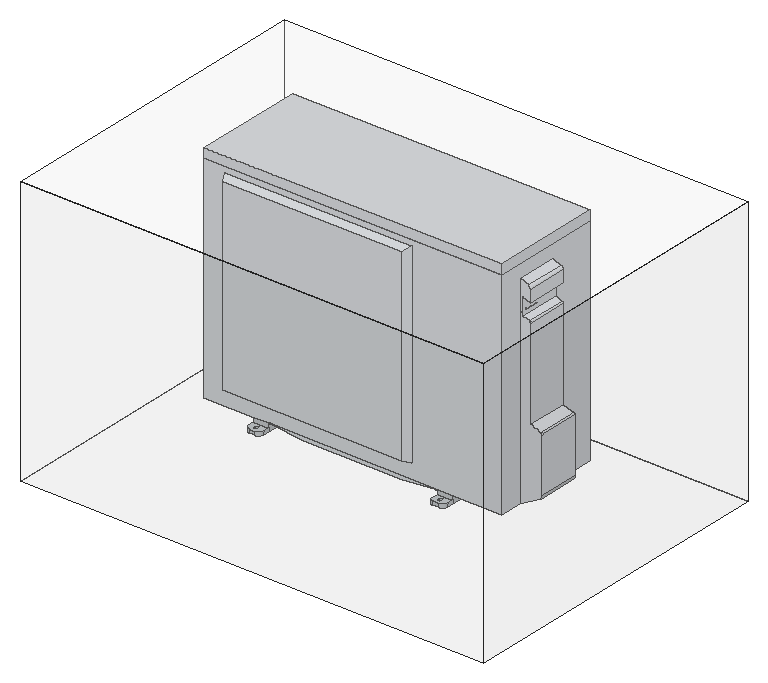
Revit family "puz-ermp40_63ska16_50hz", category 機械設備, Revit 2023 (continued)
Definition of nested family "PUZ-EZRMP-1"
  Lines and regions (mm)
    model lines, visible <- "タイプ1", detail levels fine
      curve 340: arc (-404.5, -95, 79) -> (-404.5, -98.536, 77.536) -> (-404.5, -100, 74) r 5
      curve 341: arc (-404.5, -100, 64) -> (-404.5, -98.536, 60.464) -> (-404.5, -95, 59) r 5
    model lines, visible <- "タイプ3", not visible
      curve 342: line (-404.5, -100, 907) -> (-404.5, -60, 907)
      curve 343: line (-404.5, -100, 1097) -> (-404.5, -100, 907)
      curve 344: line (-404.5, -60, 1097) -> (-404.5, -100, 1097)
      curve 345: line (-404.5, -60, 907) -> (-404.5, -60, 1097)
      curve 346: line (-404.5, 60, 907) -> (-404.5, 100, 907)
      curve 347: line (-404.5, 60, 1097) -> (-404.5, 60, 907)
      curve 348: line (-404.5, 100, 1097) -> (-404.5, 60, 1097)
      curve 349: line (-404.5, 100, 907) -> (-404.5, 100, 1097)
      curve 350: line (-404.5, -46.667, 907) -> (-404.5, -6.667, 907)
      curve 351: line (-404.5, -46.667, 1097) -> (-404.5, -46.667, 907)
      curve 352: line (-404.5, -6.667, 1097) -> (-404.5, -46.667, 1097)
      curve 353: line (-404.5, -6.667, 907) -> (-404.5, -6.667, 1097)
      curve 354: line (-404.5, 6.667, 907) -> (-404.5, 46.667, 907)
      curve 355: line (-404.5, 6.667, 1097) -> (-404.5, 6.667, 907)
      curve 356: line (-404.5, 46.667, 1097) -> (-404.5, 6.667, 1097)
      curve 357: line (-404.5, 46.667, 907) -> (-404.5, 46.667, 1097)
      curve 358: line (-404.5, -100, 1112) -> (-404.5, -60, 1112)
      curve 359: line (-404.5, -100, 1302) -> (-404.5, -100, 1112)
      curve 360: line (-404.5, -60, 1302) -> (-404.5, -100, 1302)
      curve 361: line (-404.5, -60, 1112) -> (-404.5, -60, 1302)
      curve 362: line (-404.5, 60, 1112) -> (-404.5, 100, 1112)
      curve 363: line (-404.5, 60, 1302) -> (-404.5, 60, 1112)
      curve 364: line (-404.5, 100, 1302) -> (-404.5, 60, 1302)
      curve 365: line (-404.5, 100, 1112) -> (-404.5, 100, 1302)
      curve 366: line (-404.5, -46.667, 1112) -> (-404.5, -6.667, 1112)
      curve 367: line (-404.5, -46.667, 1302) -> (-404.5, -46.667, 1112)
      curve 368: line (-404.5, -6.667, 1302) -> (-404.5, -46.667, 1302)
      curve 369: line (-404.5, -6.667, 1112) -> (-404.5, -6.667, 1302)
      curve 370: line (-404.5, 6.667, 1112) -> (-404.5, 46.667, 1112)
      curve 371: line (-404.5, 6.667, 1302) -> (-404.5, 6.667, 1112)
      curve 372: line (-404.5, 46.667, 1302) -> (-404.5, 6.667, 1302)
      curve 373: line (-404.5, 46.667, 1112) -> (-404.5, 46.667, 1302)
    model lines, visible <- "タイプ2", not visible
      curve 374: line (-600, -100, 33.5) -> (-600, -60, 33.5)
      curve 375: line (-600, -100, 73.5) -> (-600, -100, 33.5)
      curve 376: line (-600, -60, 73.5) -> (-600, -100, 73.5)
      curve 377: line (-600, -60, 33.5) -> (-600, -60, 73.5)
      curve 378: line (-600, 60, 33.5) -> (-600, 100, 33.5)
      curve 379: line (-600, 60, 73.5) -> (-600, 60, 33.5)
      curve 380: line (-600, 100, 73.5) -> (-600, 60, 73.5)
      curve 381: line (-600, 100, 33.5) -> (-600, 100, 73.5)
      curve 382: line (-509, -46.667, 33.5) -> (-509, -6.667, 33.5)
      curve 383: line (-509, -46.667, 73.5) -> (-509, -46.667, 33.5)
      curve 384: line (-509, -6.667, 73.5) -> (-509, -46.667, 73.5)
      curve 385: line (-509, -6.667, 33.5) -> (-509, -6.667, 73.5)
      curve 386: line (-509, 6.667, 33.5) -> (-509, 46.667, 33.5)
      curve 387: line (-509, 6.667, 73.5) -> (-509, 6.667, 33.5)
      curve 388: line (-509, 46.667, 73.5) -> (-509, 6.667, 73.5)
      curve 389: line (-509, 46.667, 33.5) -> (-509, 46.667, 73.5)
      curve 483: line (-404.5, -100, 33.5) -> (-404.5, -60, 33.5)
      curve 484: line (-404.5, -100, 73.5) -> (-404.5, -100, 33.5)
      curve 485: line (-404.5, -60, 73.5) -> (-404.5, -100, 73.5)
      curve 486: line (-404.5, -60, 33.5) -> (-404.5, -60, 73.5)
      curve 487: line (-404.5, 60, 33.5) -> (-404.5, 100, 33.5)
      curve 488: line (-404.5, 60, 73.5) -> (-404.5, 60, 33.5)
      curve 489: line (-404.5, 100, 73.5) -> (-404.5, 60, 73.5)
      curve 490: line (-404.5, 100, 33.5) -> (-404.5, 100, 73.5)
      curve 491: line (-404.5, -46.667, 33.5) -> (-404.5, -6.667, 33.5)
      curve 492: line (-404.5, -46.667, 73.5) -> (-404.5, -46.667, 33.5)
      curve 493: line (-404.5, -6.667, 73.5) -> (-404.5, -46.667, 73.5)
      curve 494: line (-404.5, -6.667, 33.5) -> (-404.5, -6.667, 73.5)
      curve 495: line (-404.5, 6.667, 33.5) -> (-404.5, 46.667, 33.5)
      curve 496: line (-404.5, 6.667, 73.5) -> (-404.5, 6.667, 33.5)
      curve 497: line (-404.5, 46.667, 73.5) -> (-404.5, 6.667, 73.5)
      curve 498: line (-404.5, 46.667, 33.5) -> (-404.5, 46.667, 73.5)
    model lines, not visible
      curve 390: line (-404.5, -100, 87) -> (-404.5, -60, 87)
      curve 391: line (-404.5, -100, 277) -> (-404.5, -100, 87)
      curve 392: line (-404.5, -60, 277) -> (-404.5, -100, 277)
      curve 393: line (-404.5, -60, 87) -> (-404.5, -60, 277)
      curve 394: line (-404.5, -100, 292) -> (-404.5, -60, 292)
      curve 395: line (-404.5, -100, 482) -> (-404.5, -100, 292)
      curve 396: line (-404.5, -60, 482) -> (-404.5, -100, 482)
      curve 397: line (-404.5, -60, 292) -> (-404.5, -60, 482)
      curve 398: line (-404.5, -100, 497) -> (-404.5, -60, 497)
      curve 399: line (-404.5, -100, 687) -> (-404.5, -100, 497)
      curve 400: line (-404.5, -60, 687) -> (-404.5, -100, 687)
      curve 401: line (-404.5, -60, 497) -> (-404.5, -60, 687)
      curve 402: line (-404.5, -100, 702) -> (-404.5, -60, 702)
      curve 403: line (-404.5, -100, 892) -> (-404.5, -100, 702)
      curve 404: line (-404.5, -60, 892) -> (-404.5, -100, 892)
      curve 405: line (-404.5, -60, 702) -> (-404.5, -60, 892)
      curve 406: line (-404.5, 60, 87) -> (-404.5, 100, 87)
      curve 407: line (-404.5, 60, 277) -> (-404.5, 60, 87)
      curve 408: line (-404.5, 100, 277) -> (-404.5, 60, 277)
      curve 409: line (-404.5, 100, 87) -> (-404.5, 100, 277)
      curve 410: line (-404.5, -46.667, 87) -> (-404.5, -6.667, 87)
      curve 411: line (-404.5, -46.667, 277) -> (-404.5, -46.667, 87)
      curve 412: line (-404.5, -6.667, 277) -> (-404.5, -46.667, 277)
      curve 413: line (-404.5, -6.667, 87) -> (-404.5, -6.667, 277)
      curve 414: line (-404.5, 6.667, 87) -> (-404.5, 46.667, 87)
      curve 415: line (-404.5, 6.667, 277) -> (-404.5, 6.667, 87)
      curve 416: line (-404.5, 46.667, 277) -> (-404.5, 6.667, 277)
      curve 417: line (-404.5, 46.667, 87) -> (-404.5, 46.667, 277)
      curve 418: line (-404.5, 60, 292) -> (-404.5, 100, 292)
      curve 419: line (-404.5, 60, 482) -> (-404.5, 60, 292)
      curve 420: line (-404.5, 100, 482) -> (-404.5, 60, 482)
      curve 421: line (-404.5, 100, 292) -> (-404.5, 100, 482)
      curve 422: line (-404.5, 60, 702) -> (-404.5, 100, 702)
      curve 423: line (-404.5, 60, 892) -> (-404.5, 60, 702)
      curve 424: line (-404.5, 100, 892) -> (-404.5, 60, 892)
      curve 425: line (-404.5, 100, 702) -> (-404.5, 100, 892)
      curve 426: line (-404.5, -46.667, 292) -> (-404.5, -6.667, 292)
      curve 427: line (-404.5, -46.667, 482) -> (-404.5, -46.667, 292)
      curve 428: line (-404.5, -6.667, 482) -> (-404.5, -46.667, 482)
      curve 429: line (-404.5, -6.667, 292) -> (-404.5, -6.667, 482)
      curve 430: line (-404.5, -46.667, 497) -> (-404.5, -6.667, 497)
      curve 431: line (-404.5, -46.667, 687) -> (-404.5, -46.667, 497)
      curve 432: line (-404.5, -6.667, 687) -> (-404.5, -46.667, 687)
      curve 433: line (-404.5, -6.667, 497) -> (-404.5, -6.667, 687)
      curve 434: line (-404.5, -46.667, 702) -> (-404.5, -6.667, 702)
      curve 435: line (-404.5, -46.667, 892) -> (-404.5, -46.667, 702)
      curve 436: line (-404.5, -6.667, 892) -> (-404.5, -46.667, 892)
      curve 437: line (-404.5, -6.667, 702) -> (-404.5, -6.667, 892)
      curve 438: line (-404.5, 6.667, 292) -> (-404.5, 46.667, 292)
      curve 439: line (-404.5, 6.667, 482) -> (-404.5, 6.667, 292)
      curve 440: line (-404.5, 46.667, 482) -> (-404.5, 6.667, 482)
      curve 441: line (-404.5, 46.667, 292) -> (-404.5, 46.667, 482)
      curve 442: line (-404.5, 6.667, 497) -> (-404.5, 46.667, 497)
      curve 443: line (-404.5, 6.667, 687) -> (-404.5, 6.667, 497)
      curve 444: line (-404.5, 46.667, 687) -> (-404.5, 6.667, 687)
      curve 445: line (-404.5, 46.667, 497) -> (-404.5, 46.667, 687)
      curve 446: line (-404.5, 6.667, 702) -> (-404.5, 46.667, 702)
      curve 447: line (-404.5, 6.667, 892) -> (-404.5, 6.667, 702)
      curve 448: line (-404.5, 46.667, 892) -> (-404.5, 6.667, 892)
      curve 449: line (-404.5, 46.667, 702) -> (-404.5, 46.667, 892)
      curve 450: line (-338.5, -173.2, 372.5) -> (149.5, -173.2, 372.5)
      curve 451: line (149.5, -173.2, 277.5) -> (-338.5, -173.2, 277.5)
      curve 452: line (-338.5, -173.2, 467.5) -> (149.5, -173.2, 467.5)
      curve 453: line (-338.5, -173.2, 562.5) -> (149.5, -173.2, 562.5)
      curve 454: line (149.5, -173.2, 182.5) -> (-338.5, -173.2, 182.5)
      curve 455: line (149.5, -173.2, 87.5) -> (-338.5, -173.2, 87.5)
      curve 456: line (-321.071, -173.2, 579) -> (-321.071, -173.2, 71)
      curve 457: line (132.071, -173.2, 71) -> (132.071, -173.2, 579)
      curve 458: line (-303.643, -173.2, 579) -> (-303.643, -173.2, 71)
      curve 459: line (-286.214, -173.2, 579) -> (-286.214, -173.2, 71)
      curve 460: line (-268.786, -173.2, 579) -> (-268.786, -173.2, 71)
      curve 461: line (-251.357, -173.2, 579) -> (-251.357, -173.2, 71)
      curve 462: line (-233.929, -173.2, 579) -> (-233.929, -173.2, 71)
      curve 463: line (-216.5, -173.2, 579) -> (-216.5, -173.2, 71)
      curve 464: line (-199.071, -173.2, 579) -> (-199.071, -173.2, 71)
      curve 465: line (-181.643, -173.2, 579) -> (-181.643, -173.2, 71)
      curve 466: line (-164.214, -173.2, 579) -> (-164.214, -173.2, 71)
      curve 467: line (-146.786, -173.2, 579) -> (-146.786, -173.2, 71)
      curve 468: line (-129.357, -173.2, 579) -> (-129.357, -173.2, 71)
      curve 469: line (-111.929, -173.2, 579) -> (-111.929, -173.2, 71)
      curve 470: line (-94.5, -173.2, 579) -> (-94.5, -173.2, 71)
      curve 471: line (-77.071, -173.2, 579) -> (-77.071, -173.2, 71)
      curve 472: line (-59.643, -173.2, 579) -> (-59.643, -173.2, 71)
      curve 473: line (-42.214, -173.2, 579) -> (-42.214, -173.2, 71)
      curve 474: line (-24.786, -173.2, 579) -> (-24.786, -173.2, 71)
      curve 475: line (-7.357, -173.2, 579) -> (-7.357, -173.2, 71)
      curve 476: line (10.071, -173.2, 579) -> (10.071, -173.2, 71)
      curve 477: line (27.5, -173.2, 579) -> (27.5, -173.2, 71)
      curve 478: line (44.929, -173.2, 579) -> (44.929, -173.2, 71)
      curve 479: line (62.357, -173.2, 579) -> (62.357, -173.2, 71)
      curve 480: line (79.786, -173.2, 579) -> (79.786, -173.2, 71)
      curve 481: line (97.214, -173.2, 579) -> (97.214, -173.2, 71)
      curve 482: line (114.643, -173.2, 579) -> (114.643, -173.2, 71)
    symbolic lines, visible <- "タイプ1"
      curve 499: line (-278.151, 150, 630) -> (-404.5, 150, 630)
      curve 500: line (-404.5, 150, 630) -> (-404.5, -5.599, 630)
      curve 501: line (-404.5, 40, 630) -> (-424.5, 30, 630)
      curve 502: line (-424.5, 30, 630) -> (-424.5, -30, 630)
      curve 503: line (-424.5, -30, 630) -> (-404.5, -40, 630)
      curve 504: line (-404.5, -5.599, 630) -> (-404.5, -150, 630)
      curve 505: line (-404.5, -150, 630) -> (-301.612, -150, 630)
      curve 506: arc (-272.806, -170, 630) -> (-268.124, -177.204, 630) -> (-260, -180, 630) r 13.2
      curve 507: line (-260, -180, 630) -> (-243.332, -180, 630)
      curve 508: arc (-243.332, -180, 630) -> (-235.208, -177.204, 630) -> (-230.526, -170, 630) r 13.2
      curve 509: line (-301.612, -150, 630) -> (280.999, -150, 630)
      curve 510: line (230, -150, 630) -> (230, -170, 630)
      curve 511: arc (230, -170, 630) -> (232.929, -177.071, 630) -> (240, -180, 630) r 10
      curve 512: line (240, -180, 630) -> (256.8, -180, 630)
      curve 513: arc (256.8, -180, 630) -> (266.134, -176.134, 630) -> (270, -166.8, 630) r 13.2
      curve 514: line (270, -166.8, 630) -> (270, -150, 630)
      curve 515: line (280.999, -150, 630) -> (404.5, -150, 630)
      curve 516: line (404.5, -150, 630) -> (404.5, -77.105, 630)
      curve 517: line (404.5, -90, 630) -> (466.5, -90, 630)
      curve 518: line (466.5, -90, 630) -> (466.5, 20, 630)
      curve 519: line (466.5, 20, 630) -> (404.5, 20, 630)
      curve 520: line (404.5, -77.105, 630) -> (404.5, 150, 630)
      curve 521: line (404.5, 150, 630) -> (308.975, 150, 630)
      curve 522: line (270, 150, 630) -> (270, 180, 630)
      curve 523: line (270, 180, 630) -> (230, 180, 630)
      curve 524: line (230, 180, 630) -> (230, 150, 630)
      curve 525: line (308.975, 150, 630) -> (-278.151, 150, 630)
      curve 526: line (-230, 150, 630) -> (-230, 180, 630)
      curve 527: line (-230, 180, 630) -> (-270, 180, 630)
      curve 528: line (-270, 180, 630) -> (-270, 150, 630)
      curve 529: line (-324.5, 100, 630) -> (324.5, 100, 630)
      curve 530: line (-324.5, 40, 630) -> (-324.5, 100, 630)
      curve 531: line (324.5, 40, 630) -> (-324.5, 40, 630)
      curve 532: line (324.5, 100, 630) -> (324.5, 40, 630)
      curve 533: line (324.5, 30, 630) -> (-324.5, 30, 630)
      curve 534: line (324.5, -30, 630) -> (324.5, 30, 630)
      curve 535: line (-324.5, -30, 630) -> (324.5, -30, 630)
      curve 536: line (-324.5, 30, 630) -> (-324.5, -30, 630)
      curve 537: line (-324.5, -40, 630) -> (324.5, -40, 630)
      curve 538: line (-324.5, -100, 630) -> (-324.5, -40, 630)
      curve 539: line (324.5, -100, 630) -> (-324.5, -100, 630)
      curve 540: line (324.5, -40, 630) -> (324.5, -100, 630)
      curve 541: line (339.5, 100, 630) -> (354.5, 100, 630)
      curve 542: line (339.5, -100, 630) -> (339.5, 100, 630)
      curve 543: line (354.5, -100, 630) -> (339.5, -100, 630)
      curve 544: line (354.5, 100, 630) -> (354.5, -100, 630)
      curve 545: line (-354.5, 100, 630) -> (-339.5, 100, 630)
      curve 546: line (-354.5, -100, 630) -> (-354.5, 100, 630)
      curve 547: line (-339.5, -100, 630) -> (-354.5, -100, 630)
      curve 548: line (-339.5, 100, 630) -> (-339.5, -100, 630)
      curve 549: line (-338.5, -170, 630) -> (149.5, -170, 630)
      curve 550: line (149.5, -170, 630) -> (159.5, -150, 630)
      curve 551: line (-348.5, -150, 630) -> (-338.5, -170, 630)
  Dimensions and locks
    equal spacing: plane 8, plane 1 "中心(正面/背面)", plane 7
    "奥行き": plane 8 to plane 7
    equal spacing: plane 5, plane 3 "中心(左/右)", plane 6
    "幅さ": plane 5 to plane 6
    "高さ": plane 4 to level
    locked: plane 6 to plane 9 at 62
    locked: plane 8 to plane 10 at 60
    locked: plane 8 to plane 11 at 170
    locked: plane 4 to plane 12 at 25
    locked: plane 13 to plane 5 at 20
    "吊りボルト-D": plane 17 to plane 16
    equal spacing: plane 17, plane 1 "中心(正面/背面)", plane 16
    equal spacing: plane 14, plane 3 "中心(左/右)", plane 15
    "吊りボルト-W": plane 14 to plane 15
    plane 21 to plane 14 to plane 20 = 20 mm locked, 20 mm locked
    plane 19 to plane 15 to plane 18 = 20 mm locked, 20 mm locked
    locked: plane 16 to plane 22 at 15
    locked: plane 23 to plane 17 at 15
    locked: plane 24 to level at 8.5
    locked: plane 25 to level at 20
    locked: plane 26 to plane 24 at 3
    locked: plane 4 to plane 29 at 5
    plane 7 to plane 1 "中心(正面/背面)" to plane 8 = 150 mm, 150 mm
    plane 31 to plane 1 "中心(正面/背面)" to plane 30 = 40 mm locked, 40 mm locked
    plane 33 to plane 1 "中心(正面/背面)" to plane 32 = 30 mm locked, 30 mm locked
    locked: plane 34 to plane 12 at 5
    locked: plane 35 to level at 55
    locked: plane 36 to level at 225
    equal spacing: plane 6, plane 39, plane 9
    locked: plane 6 to plane 38 at 10
    locked: plane 20 to plane 27 at 95
    locked: plane 28 to plane 19 at 95
    "換気-D": plane 40 to plane 8
    "換気-W": plane 41 to plane 5
    "換気-H1": plane 42 to level
    plane 43 to plane 41 to plane 44 = 254 mm locked, 254 mm locked
    plane 45 to plane 42 to plane 46 = 264 mm locked, 264 mm locked
    locked: plane 43 to plane 48 at 10
    locked: plane 47 to plane 44 at 10
    locked: plane 45 to plane 49 at 10
    locked: plane 50 to plane 46 at 10
    locked: curve 26 to plane 50 at 16.5
    locked: plane 49 to curve 24 at 16.5
    equal spacing: curve 24, curve 23, curve 21, curve 22, curve 25, curve 26
    equal spacing: plane 48, curve 28, curve 53, curve 52, curve 51, curve 50, curve 49, curve 48, curve 47, curve 46, curve 45, curve 44, curve 43, curve 42, curve 41, curve 40, curve 39, curve 38, curve 37, curve 36, curve 35, curve 34, curve 33, curve 32, curve 31, curve 30, curve 29, curve 27, plane 47
    locked: curve 4 to curve 6 at 10
    locked: curve 3 to curve 5 at 10
    locked: plane 51 to plane 7 at 50
    locked: plane 8 to plane 52 at 50
    equal spacing: group 1, group 2, group 3, group 4, group 5, group 6, group 7, group 8, group 9, group 10, group 11, group 12, group 13, group 14, group 15, group 16, group 17, group 18  (x2)
    equal spacing: group 18, group 17, group 16, group 15, group 14, group 13, group 12, group 11, group 10, group 9, group 8, group 7, group 6, group 5, group 4, group 3, group 2, group 1
    "ドレン管径-X": plane 5 to plane 53
    "ドレン管径-Y": plane 8 to plane 54
    "配線取出口-Y": plane 57 to plane 7
    "冷媒液管径-Y": plane 58 to plane 7
    "冷媒ガス管径-Y": plane 59 to plane 7
    "配線取出口-X": plane 3 "中心(左/右)" to plane 56
    "冷媒ガス管径-X": plane 3 "中心(左/右)" to plane 55
    "冷媒液管径-X": plane 3 "中心(左/右)" to plane 60
    "冷媒液管径-Z": plane 62 to level
    "冷媒ガス管径-Z": plane 61 to level
    "配線取出口-Z": plane 63 to level
    locked: plane 57 to plane 64 at 50
    locked: plane 65 to plane 61 at 37.8
    locked: plane 66 to plane 62 at 16.1
    equal spacing: plane 55, plane 67, plane 60
    equal spacing: plane 58, plane 68, plane 59
    "a": plane 69 "グループ" to plane 3 "中心(左/右)"
    plane 71 to level = 943 mm
    plane 70 to level = 1338 mm
    locked: plane 37 to level at 570
    curve 21 to plane 42 to curve 22 = 47.5 mm locked, 47.5 mm locked
    "換気-H2": plane 72 to plane 42
    plane 73 to plane 72 to plane 74 = 264 mm locked, 264 mm locked
    locked: plane 76 to plane 74 at 10
    locked: plane 73 to plane 75 at 10
    plane 48 to plane 47 = 488 mm
    plane 68 to plane 7 = 185.5 mm
    plane 61 to level = 99.5 mm
    plane 65 to plane 61 = 37.8 mm
    plane 62 to level = 164.5 mm
    plane 66 to plane 62 = 16.1 mm
    plane 68 to plane 77 to plane 78 = 23 mm locked, 17.5 mm locked
    plane 68 to plane 77 = 23 mm
    plane 77 to plane 78 = 17.5 mm
    equal spacing: plane 77, plane 79, plane 78
    "ドレン配管サイズ": diameter of Extrusion 3 sketch curve
    "配線取出口サイズ": diameter of Extrusion 9 sketch curve
    "吊りボルト-φ": diameter of Extrusion 10 sketch curve  (x4)
    "冷媒配管サイズ": diameter of Sweep 11 sketch curve
    "ガス配管サイズ": diameter of Sweep 12 sketch curve
    aligned and locked: level to plane 2
    aligned and locked: Extrusion 1 to level
    aligned and locked: plane 25 to Extrusion 1
    aligned and locked: Extrusion 2 sketch curve to plane 25
    aligned and locked: Extrusion 2 sketch curve to plane 26
    aligned and locked: Extrusion 2 to plane 7
    aligned and locked: plane 8 to Extrusion 2
    aligned and locked: Extrusion 3 to plane 26
    aligned and locked: Extrusion 3 to plane 24
    aligned and locked: Extrusion 4 sketch curve to plane 7
    aligned and locked: Extrusion 4 sketch curve to plane 8
    aligned and locked: Extrusion 4 sketch curve to plane 5
    aligned and locked: Extrusion 4 sketch curve to plane 6
    aligned and locked: Extrusion 4 to plane 25
    aligned and locked: plane 12 to Extrusion 4
    aligned and locked: Extrusion 5 sketch curve to Extrusion 4  (x4)
    aligned and locked: Extrusion 5 to plane 12
    aligned and locked: plane 4 to Extrusion 5
    aligned and locked: plane 29 to Blend 6 sketch curve
    aligned and locked: Blend 6 sketch curve to plane 31
    aligned and locked: Blend 6 sketch curve to plane 12  (x2)
    aligned and locked: plane 30 to Blend 6 sketch curve
    aligned and locked: plane 34 to Blend 6 sketch curve
    aligned and locked: Blend 6 sketch curve to plane 33
    aligned and locked: plane 32 to Blend 6 sketch curve
    aligned and locked: Blend 6 to plane 13
    aligned and locked: plane 5 to Blend 6
    aligned and locked: Extrusion 7 sketch curve to plane 6
    aligned and locked: Extrusion 7 sketch curve to plane 9
    aligned and locked: Extrusion 7 sketch curve to plane 39
    aligned and locked: Extrusion 7 sketch curve to Extrusion 7 sketch curve
    aligned and locked: Extrusion 7 sketch curve to plane 38
    aligned and locked: Extrusion 7 to plane 11
    aligned and locked: plane 10 to Extrusion 7
    aligned and locked: Blend 8 sketch curve to plane 45
    aligned and locked: Blend 8 sketch curve to plane 46
    aligned and locked: Blend 8 sketch curve to plane 44
    aligned and locked: Blend 8 sketch curve to plane 43
    aligned and locked: Blend 8 sketch curve to plane 49
    aligned and locked: Blend 8 sketch curve to plane 47
    aligned and locked: Blend 8 sketch curve to plane 48
    aligned and locked: Blend 8 sketch curve to plane 50
    aligned and locked: Blend 8 to plane 8
    aligned and locked: plane 40 to Blend 8
    aligned and locked: curve 17 to plane 51
    aligned and locked: curve 1 to plane 51
    aligned and locked: plane 51 to curve 19
    aligned and locked: curve 18 to plane 52
    aligned and locked: plane 52 to curve 2
    aligned and locked: plane 52 to curve 20
    aligned and locked: plane 53 to Extrusion 3 sketch curve
    aligned and locked: plane 54 to Extrusion 3 sketch curve
    aligned and locked: plane 63 to Extrusion 9 sketch curve
    aligned and locked: plane 56 to Extrusion 9 sketch curve
    aligned and locked: plane 57 to Extrusion 9
    aligned and locked: Extrusion 9 to plane 64
    aligned and locked: plane 22 to Extrusion 10 sketch curve  (x4)
    aligned and locked: plane 21 to Extrusion 10 sketch curve
    aligned and locked: Extrusion 2 to Extrusion 10 sketch curve  (x2)
    aligned and locked: Extrusion 10 sketch curve to Extrusion 1  (x6)
    aligned and locked: plane 19 to Extrusion 10 sketch curve
    aligned and locked: Extrusion 10 sketch curve to plane 23  (x2)
    aligned and locked: Extrusion 10 sketch curve to plane 18
    aligned and locked: Extrusion 10 sketch curve to plane 20
    aligned and locked: plane 16 to Extrusion 10 sketch curve  (x2)
    aligned and locked: plane 14 to Extrusion 10 sketch curve  (x2)
    aligned and locked: plane 17 to Extrusion 10 sketch curve  (x2)
    aligned and locked: plane 15 to Extrusion 10 sketch curve  (x2)
    aligned and locked: level to Extrusion 10
    aligned and locked: plane 24 to Extrusion 10
    aligned and locked: Masking region 1 sketch curve to Extrusion 5  (x4)
    aligned and locked: Masking region 1 sketch curve to Blend 6  (x3)
    aligned and locked: Masking region 1 sketch curve to Extrusion 7  (x2)
    aligned and locked: Masking region 1 sketch curve to plane 9
    aligned and locked: Masking region 1 sketch curve to Extrusion 10  (x8)
    aligned and locked: Masking region 1 to curve 499
    aligned and locked: curve 500 to Masking region 1
    aligned and locked: curve 501 to Masking region 1
    aligned and locked: curve 502 to Masking region 1
    aligned and locked: curve 503 to Masking region 1
    aligned and locked: curve 504 to Masking region 1
    aligned and locked: curve 505 to Masking region 1
    aligned and locked: curve 506 to Masking region 1
    aligned and locked: curve 508 to Masking region 1
    aligned and locked: curve 510 to Masking region 1
    aligned and locked: curve 511 to Masking region 1
    aligned and locked: curve 513 to Masking region 1
    aligned and locked: Masking region 1 to curve 515
    aligned and locked: curve 516 to Masking region 1
    aligned and locked: curve 517 to Masking region 1
    aligned and locked: curve 518 to Masking region 1
    aligned and locked: curve 519 to Masking region 1
    aligned and locked: curve 520 to Masking region 1
    aligned and locked: curve 521 to Masking region 1
    aligned and locked: curve 522 to Masking region 1
    aligned and locked: curve 523 to Masking region 1
    aligned and locked: curve 524 to Masking region 1
    aligned and locked: curve 525 to Masking region 1
    aligned and locked: curve 526 to Masking region 1
    aligned and locked: curve 527 to Masking region 1
    aligned and locked: curve 528 to Masking region 1
    aligned and locked: curve 532 to curve 12
    aligned and locked: Masking region 1 sketch curve to curve 21
    aligned and locked: Masking region 1 sketch curve to Blend 8  (x2)
    aligned and locked: curve 549 to Blend 8
    aligned and locked: curve 550 to Blend 8
    aligned and locked: curve 551 to Blend 8
    aligned and locked: plane 78 to Sweep 12 sketch curve
    aligned and locked: plane 58 to Sweep 12 sketch curve
    aligned and locked: plane 77 to Sweep 11 sketch curve
    aligned and locked: plane 58 to Sweep 11 sketch curve
    aligned and locked: plane 61 to Sweep 12 sketch curve
  Automatic sketch dimensions
    Extrusion 2 sketch curve to plane 20 = 0 mm
    Extrusion 2 sketch curve to plane 27 = 0 mm
    Extrusion 2 sketch curve to plane 28 = 0 mm
    Extrusion 2 sketch curve to plane 19 = 0 mm
    Extrusion 7 sketch curve to plane 39 = 0 mm
    Extrusion 7 sketch curve to plane 25 = 0 mm
    Extrusion 7 sketch curve to plane 36 = 0 mm
    Extrusion 7 sketch curve to plane 37 = 0 mm
    Extrusion 7 sketch curve to Extrusion 7 sketch curve = 10 mm
    Extrusion 7 sketch curve to plane 39 = 6.58 mm
    Extrusion 7 sketch curve to Extrusion 7 sketch curve = 5 mm  (x2)
    plane 39 to Extrusion 7 sketch curve = 21 mm
    Extrusion 7 sketch curve to plane 39 = 3.29 mm
    Extrusion 7 sketch curve to plane 9 = 3.29 mm
    Extrusion 7 sketch curve to plane 35 = 2.87 mm
    Extrusion 7 sketch curve to Extrusion 7 sketch curve = 81.633 mm
    Extrusion 7 sketch curve to Extrusion 7 sketch curve = 30.244 mm
    Extrusion 7 sketch curve to Extrusion 7 sketch curve = 7.643 mm
    plane 7 to Extrusion 1 sketch curve = 0 mm  (x2)
    Extrusion 1 sketch curve to plane 18 = 0 mm
    plane 8 to Extrusion 1 sketch curve = 0 mm  (x2)
    Extrusion 1 sketch curve to plane 19 = 0 mm
    Extrusion 1 sketch curve to plane 20 = 0 mm
    Extrusion 1 sketch curve to plane 21 = 0 mm
    curve 383 to curve 384 = 40 mm
    curve 382 to curve 386 = 13.333 mm
    curve 386 to curve 386 = 40 mm
    curve 382 to curve 389 = 0 mm
    curve 382 to curve 384 = 40 mm
    curve 384 to curve 387 = 0 mm
    curve 375 to curve 376 = 40 mm
    curve 374 to curve 378 = 120 mm
    curve 378 to curve 378 = 40 mm
    curve 374 to curve 381 = 0 mm
    curve 374 to curve 376 = 40 mm
    curve 378 to curve 379 = 40 mm
    curve 25 to plane 47 = 0 mm
    curve 24 to plane 47 = 0 mm
    curve 22 to plane 47 = 0 mm
    curve 23 to plane 47 = 0 mm
    curve 26 to plane 47 = 0 mm
    curve 21 to plane 47 = 0 mm
    curve 24 to plane 48 = 0 mm
    curve 25 to plane 48 = 0 mm
    curve 26 to plane 48 = 0 mm
    curve 23 to plane 48 = 0 mm
    curve 22 to plane 48 = 0 mm
    curve 21 to plane 48 = 0 mm
    curve 37 to plane 50 = 0 mm
    curve 52 to plane 50 = 0 mm
    curve 51 to plane 50 = 0 mm
    curve 50 to plane 50 = 0 mm
    curve 49 to plane 50 = 0 mm
    curve 48 to plane 50 = 0 mm
    curve 47 to plane 50 = 0 mm
    curve 46 to plane 50 = 0 mm
    curve 45 to plane 50 = 0 mm
    curve 44 to plane 50 = 0 mm
    curve 43 to plane 50 = 0 mm
    curve 42 to plane 50 = 0 mm
    curve 41 to plane 50 = 0 mm
    curve 27 to plane 50 = 0 mm
    curve 28 to plane 50 = 0 mm
    curve 40 to plane 50 = 0 mm
    curve 39 to plane 50 = 0 mm
    curve 29 to plane 50 = 0 mm
    curve 38 to plane 50 = 0 mm
    curve 30 to plane 50 = 0 mm
    curve 53 to plane 50 = 0 mm
    curve 31 to plane 50 = 0 mm
    curve 36 to plane 50 = 0 mm
    curve 32 to plane 50 = 0 mm
    curve 35 to plane 50 = 0 mm
    curve 33 to plane 50 = 0 mm
    curve 34 to plane 50 = 0 mm
    curve 28 to plane 49 = 0 mm
    curve 41 to plane 49 = 0 mm
    curve 27 to plane 49 = 0 mm
    curve 42 to plane 49 = 0 mm
    curve 31 to plane 49 = 0 mm
    curve 40 to plane 49 = 0 mm
    curve 37 to plane 49 = 0 mm
    curve 39 to plane 49 = 0 mm
    curve 32 to plane 49 = 0 mm
    curve 45 to plane 49 = 0 mm
    curve 36 to plane 49 = 0 mm
    curve 46 to plane 49 = 0 mm
    curve 43 to plane 49 = 0 mm
    curve 47 to plane 49 = 0 mm
    curve 29 to plane 49 = 0 mm
    curve 48 to plane 49 = 0 mm
    curve 30 to plane 49 = 0 mm
    curve 49 to plane 49 = 0 mm
    curve 44 to plane 49 = 0 mm
    curve 50 to plane 49 = 0 mm
    curve 33 to plane 49 = 0 mm
    curve 51 to plane 49 = 0 mm
    curve 35 to plane 49 = 0 mm
    curve 52 to plane 49 = 0 mm
    curve 38 to plane 49 = 0 mm
    curve 53 to plane 49 = 0 mm
    curve 34 to plane 49 = 0 mm
    Masking region 1 sketch curve to plane 5 = 0 mm
    Masking region 1 sketch curve to plane 6 = 0 mm
    plane 7 to Masking region 1 sketch curve = 0 mm  (x2)
    Masking region 1 sketch curve to plane 15 = 10 mm
    Masking region 1 sketch curve to plane 19 = 0 mm
    plane 8 to Masking region 1 sketch curve = 0 mm  (x2)
    plane 32 to curve 535 = 0 mm
    plane 33 to curve 534 = 0 mm
    curve 541 to plane 56 = 45.5 mm
    curve 13 to curve 20 = 15 mm
    plane 18 to curve 535 = 54.5 mm
    curve 532 to curve 6 = 0 mm
    curve 537 to curve 5 = 0 mm
    plane 47 to curve 536 = 14 mm
    plane 47 to curve 538 = 14 mm
    plane 47 to curve 1 = 14 mm
    curve 16 to plane 47 = 1 mm
    curve 15 to plane 44 = 6 mm
    plane 1 "中心(正面/背面)" to curve 504 = 5.599 mm
    curve 528 to curve 499 = 8.151 mm
    curve 521 to curve 522 = 38.975 mm
    curve 516 to plane 10 = 12.895 mm
    curve 515 to curve 514 = 10.999 mm
    plane 40 to Masking region 1 sketch curve = 0 mm
    Masking region 1 sketch curve to plane 40 = 3.2 mm  (x2)
    Masking region 1 sketch curve to plane 14 = 10 mm
    Masking region 1 sketch curve to plane 20 = 0.526 mm
    curve 509 to plane 21 = 31.612 mm
    Sweep 12 sketch curve to plane 65 = 0 mm
    Sweep 11 sketch curve to plane 62 = 0 mm
    Sweep 11 sketch curve to plane 66 = 0 mm
    plane 40 to Extrusion 10 sketch curve = 0 mm
    plane 17 to Extrusion 10 sketch curve = 0 mm  (x2)
    Extrusion 10 sketch curve to Extrusion 10 sketch curve = 1.8 mm  (x3)
    plane 17 to Extrusion 10 sketch curve = 1.8 mm  (x2)
    Extrusion 10 sketch curve to Extrusion 10 sketch curve = 0 mm
    Sweep 11 sketch curve to plane 67 = 0 mm
    Sweep 11 sketch curve to profile plane = 0 mm
    Sweep 12 sketch curve to plane 67 = 0 mm
    Sweep 12 sketch curve to profile plane = 0 mm
Definition of nested family "固定点"
  Parameters (values of type "固定点")
    Default Elevation = 0 mm
    中心円 = if(W > 599 mm, 12 mm, 10 mm)  # 12 mm
    W = 1000 mm
    D = 1000 mm
  Reference planes
    plane 1 "中心(正面/背面)": y = 0
    plane 2: z = 0
    plane 3 "中心(左/右)": x = 0
    plane 4: x = 1000
    plane 5: y = 1000
  Lines and regions (mm)
    symbolic lines, detail levels fine
      curve 1: circle (0, 1000, 0) r 6 normal (0, 0, 1)
      curve 2: circle (0, 0, 0) r 6 normal (0, 0, 1)
      curve 3: circle (1000, 1000, 0) r 6 normal (0, 0, 1)
      curve 4: circle (1000, 0, 0) r 6 normal (0, 0, 1)
      curve 5: line (-200, 1000, 0) -> (1200, 1000, 0)
      curve 6: line (-200, 0, 0) -> (1200, 0, 0)
      curve 7: line (0, 1200, 0) -> (0, -200, 0)
      curve 8: line (1000, 1200, 0) -> (1000, -200, 0)
  Dimensions and locks
    "W": plane 3 "中心(左/右)" to plane 4
    "D": plane 1 "中心(正面/背面)" to plane 5
    "中心円": diameter of curve 1
    "中心円": diameter of curve 2
    "中心円": diameter of curve 3
    "中心円": diameter of curve 4
    aligned and locked: level to plane 2
    aligned and locked: plane 5 to curve 1
    aligned and locked: plane 3 "中心(左/右)" to curve 1
    aligned and locked: plane 3 "中心(左/右)" to curve 2
    aligned and locked: plane 1 "中心(正面/背面)" to curve 2
    aligned and locked: plane 4 to curve 3
    aligned and locked: plane 5 to curve 3
    aligned and locked: plane 1 "中心(正面/背面)" to curve 4
    aligned and locked: plane 4 to curve 4
    aligned and locked: plane 1 "中心(正面/背面)" to curve 6
    aligned and locked: curve 7 to plane 3 "中心(左/右)"
    aligned and locked: curve 8 to plane 4
  Automatic sketch dimensions
    curve 5 to plane 5 = 0 mm
    curve 6 to plane 3 "中心(左/右)" = 200 mm
    curve 5 to plane 3 "中心(左/右)" = 200 mm
    curve 4 to curve 6 = 200 mm
    curve 3 to curve 5 = 200 mm
    plane 1 "中心(正面/背面)" to curve 8 = 200 mm
    plane 1 "中心(正面/背面)" to curve 7 = 200 mm
    curve 3 to curve 8 = 200 mm
    curve 1 to curve 7 = 200 mm
Types (30, lengths in mm): name | 音響パワーレベル_暖房 (dB) | 音響パワーレベル_冷房 (dB) | 音響パワーレベル(dB) | 電動機出力_圧縮機 | 質量 | 製品質量 | 相 | 本体マテリアル | 最小電線太さ_mm2 | 暖房能力 | 推奨ブレーカー容量 | 冷房能力 | モデル | URL
  PUZ-ERMP40SKA16 | 66 | 64 | 66 | 0.7 kW | 45.60 kg | 38.00 kg | 1 | none | 2 | 4 kW | 15 A | 3.6 kW | "PUZ-ERMP40SKA16" | "https://www.mitsubishielectric.co.jp/ldg/wink/qr/002/364574"
  PUZ-ERMP40KA16 | 66 | 64 | 66 | 0.7 kW | 45.60 kg | 38.00 kg | 3 | Galvanized steel plate | 2 | 4 kW | 15 A | 3.6 kW | "PUZ-ERMP40KA16" | "https://www.mitsubishielectric.co.jp/ldg/wink/qr/002/364573"
  PUZ-ERMP45SKA16 | 66 | 64 | 66 | 0.9 kW | 48.00 kg | 40.00 kg | 1 | none | 3.5 | 4.5 kW | 20 A | 4 kW | "PUZ-ERMP45SKA16" | "https://www.mitsubishielectric.co.jp/ldg/wink/qr/002/364580"
  PUZ-ERMP45KA16 | 66 | 64 | 66 | 0.9 kW | 45.60 kg | 38.00 kg | 3 | none | 2 | 4.5 kW | 15 A | 4 kW | "PUZ-ERMP45KA16" | "https://www.mitsubishielectric.co.jp/ldg/wink/qr/002/364579"
  PUZ-ERMP50SKA16 | 67 | 65 | 67 | 1 kW | 48.00 kg | 40.00 kg | 1 | none | 3.5 | 5 kW | 20 A | 4.5 kW | "PUZ-ERMP50SKA16" | "https://www.mitsubishielectric.co.jp/ldg/wink/qr/002/364586"
  PUZ-ERMP50KA16 | 67 | 65 | 67 | 1 kW | 45.60 kg | 38.00 kg | 3 | none | 2 | 5 kW | 15 A | 4.5 kW | "PUZ-ERMP50KA16" | "https://www.mitsubishielectric.co.jp/ldg/wink/qr/002/364585"
  PUZ-ERMP56SKA16 | 67 | 65 | 67 | 1.2 kW | 48.00 kg | 40.00 kg | 1 | none | 3.5 | 5.6 kW | 20 A | 5 kW | "PUZ-ERMP56SKA16" | "https://www.mitsubishielectric.co.jp/ldg/wink/qr/002/364592"
  PUZ-ERMP56KA16 | 67 | 65 | 67 | 1.2 kW | 45.60 kg | 38.00 kg | 3 | none | 2 | 5.6 kW | 15 A | 5 kW | "PUZ-ERMP56KA16" | "https://www.mitsubishielectric.co.jp/ldg/wink/qr/002/364591"
  PUZ-ERMP63SKA16 | 67 | 65 | 67 | 1.3 kW | 48.00 kg | 40.00 kg | 1 | none | 3.5 | 6.3 kW | 30 A | 5.6 kW | "PUZ-ERMP63SKA16" | "https://www.mitsubishielectric.co.jp/ldg/wink/qr/002/364598"
  PUZ-ERMP63KA16 | 67 | 65 | 67 | 1.3 kW | 46.80 kg | 39.00 kg | 3 | none | 2 | 6.3 kW | 15 A | 5.6 kW | "PUZ-ERMP63KA16" | "https://www.mitsubishielectric.co.jp/ldg/wink/qr/002/364597"
  PUZ-ERMP63SKA16-BS | 67 | 65 | 67 | 1.3 kW | 48.00 kg | 40.00 kg | 1 | none | 3.5 | 6.3 kW | 30 A | 5.6 kW | "PUZ-ERMP63SKA16-BS" | "https://www.mitsubishielectric.co.jp/ldg/wink/qr/002/364601"
  PUZ-ERMP63SKA16-BSG | 67 | 65 | 67 | 1.3 kW | 48.00 kg | 40.00 kg | 1 | none | 3.5 | 6.3 kW | 30 A | 5.6 kW | "PUZ-ERMP63SKA16-BSG" | "https://www.mitsubishielectric.co.jp/ldg/wink/qr/002/364602"
  PUZ-ERMP63KA16-BS | 67 | 65 | 67 | 1.3 kW | 46.80 kg | 39.00 kg | 3 | none | 2 | 6.3 kW | 15 A | 5.6 kW | "PUZ-ERMP63KA16-BS" | "https://www.mitsubishielectric.co.jp/ldg/wink/qr/002/364599"
  PUZ-ERMP63KA16-BSG | 67 | 65 | 67 | 1.3 kW | 46.80 kg | 39.00 kg | 3 | none | 2 | 6.3 kW | 15 A | 5.6 kW | "PUZ-ERMP63KA16-BSG" | "https://www.mitsubishielectric.co.jp/ldg/wink/qr/002/364600"
  PUZ-ERMP56SKA16-BS | 67 | 65 | 67 | 1.2 kW | 48.00 kg | 40.00 kg | 1 | none | 3.5 | 5.6 kW | 20 A | 5 kW | "PUZ-ERMP56SKA16-BS" | "https://www.mitsubishielectric.co.jp/ldg/wink/qr/002/364595"
  PUZ-ERMP56SKA16-BSG | 67 | 65 | 67 | 1.2 kW | 48.00 kg | 40.00 kg | 1 | none | 3.5 | 5.6 kW | 20 A | 5 kW | "PUZ-ERMP56SKA16-BSG" | "https://www.mitsubishielectric.co.jp/ldg/wink/qr/002/364596"
  PUZ-ERMP56KA16-BS | 67 | 65 | 67 | 1.2 kW | 45.60 kg | 38.00 kg | 3 | none | 2 | 5.6 kW | 15 A | 5 kW | "PUZ-ERMP56KA16-BS" | "https://www.mitsubishielectric.co.jp/ldg/wink/qr/002/364593"
  PUZ-ERMP56KA16-BSG | 67 | 65 | 67 | 1.2 kW | 45.60 kg | 38.00 kg | 3 | none | 2 | 5.6 kW | 15 A | 5 kW | "PUZ-ERMP56KA16-BSG" | "https://www.mitsubishielectric.co.jp/ldg/wink/qr/002/364594"
  PUZ-ERMP50SKA16-BS | 67 | 65 | 67 | 1 kW | 48.00 kg | 40.00 kg | 1 | none | 3.5 | 5 kW | 20 A | 4.5 kW | "PUZ-ERMP50SKA16-BS" | "https://www.mitsubishielectric.co.jp/ldg/wink/qr/002/364589"
  PUZ-ERMP50SKA16-BSG | 67 | 65 | 67 | 1 kW | 48.00 kg | 40.00 kg | 1 | none | 3.5 | 5 kW | 20 A | 4.5 kW | "PUZ-ERMP50SKA16-BSG" | "https://www.mitsubishielectric.co.jp/ldg/wink/qr/002/364590"
  PUZ-ERMP50KA16-BS | 67 | 65 | 67 | 1 kW | 45.60 kg | 38.00 kg | 3 | none | 2 | 5 kW | 15 A | 4.5 kW | "PUZ-ERMP50KA16-BS" | "https://www.mitsubishielectric.co.jp/ldg/wink/qr/002/364587"
  PUZ-ERMP50KA16-BSG | 67 | 65 | 67 | 1 kW | 45.60 kg | 38.00 kg | 3 | none | 2 | 5 kW | 15 A | 4.5 kW | "PUZ-ERMP50KA16-BSG" | "https://www.mitsubishielectric.co.jp/ldg/wink/qr/002/364588"
  PUZ-ERMP45SKA16-BS | 66 | 64 | 66 | 0.9 kW | 48.00 kg | 40.00 kg | 1 | none | 3.5 | 4.5 kW | 20 A | 4 kW | "PUZ-ERMP45SKA16-BS" | "https://www.mitsubishielectric.co.jp/ldg/wink/qr/002/364583"
  PUZ-ERMP45SKA16-BSG | 66 | 64 | 66 | 0.9 kW | 48.00 kg | 40.00 kg | 1 | none | 3.5 | 4.5 kW | 20 A | 4 kW | "PUZ-ERMP45SKA16-BSG" | "https://www.mitsubishielectric.co.jp/ldg/wink/qr/002/364584"
  PUZ-ERMP45KA16-BS | 66 | 64 | 66 | 0.9 kW | 45.60 kg | 38.00 kg | 3 | none | 2 | 4.5 kW | 15 A | 4 kW | "PUZ-ERMP45KA16-BS" | "https://www.mitsubishielectric.co.jp/ldg/wink/qr/002/364581"
  PUZ-ERMP45KA16-BSG | 66 | 64 | 66 | 0.9 kW | 45.60 kg | 38.00 kg | 3 | none | 2 | 4.5 kW | 15 A | 4 kW | "PUZ-ERMP45KA16-BSG" | "https://www.mitsubishielectric.co.jp/ldg/wink/qr/002/364582"
  PUZ-ERMP40SKA16-BS | 66 | 64 | 66 | 0.7 kW | 48.00 kg | 40.00 kg | 1 | none | 3.5 | 4 kW | 20 A | 3.6 kW | "PUZ-ERMP40SKA16-BS" | "https://www.mitsubishielectric.co.jp/ldg/wink/qr/002/364577"
  PUZ-ERMP40SKA16-BSG | 66 | 64 | 66 | 0.7 kW | 48.00 kg | 40.00 kg | 1 | none | 3.5 | 4 kW | 20 A | 3.6 kW | "PUZ-ERMP40SKA16-BSG" | "https://www.mitsubishielectric.co.jp/ldg/wink/qr/002/364578"
  PUZ-ERMP40KA16-BS | 66 | 64 | 66 | 0.7 kW | 45.60 kg | 38.00 kg | 3 | none | 2 | 4 kW | 15 A | 3.6 kW | "PUZ-ERMP40KA16-BS" | "https://www.mitsubishielectric.co.jp/ldg/wink/qr/002/364575"
  PUZ-ERMP40KA16-BSG | 66 | 64 | 66 | 0.7 kW | 45.60 kg | 38.00 kg | 3 | none | 2 | 4 kW | 15 A | 3.6 kW | "PUZ-ERMP40KA16-BSG" | "https://www.mitsubishielectric.co.jp/ldg/wink/qr/002/364576"
